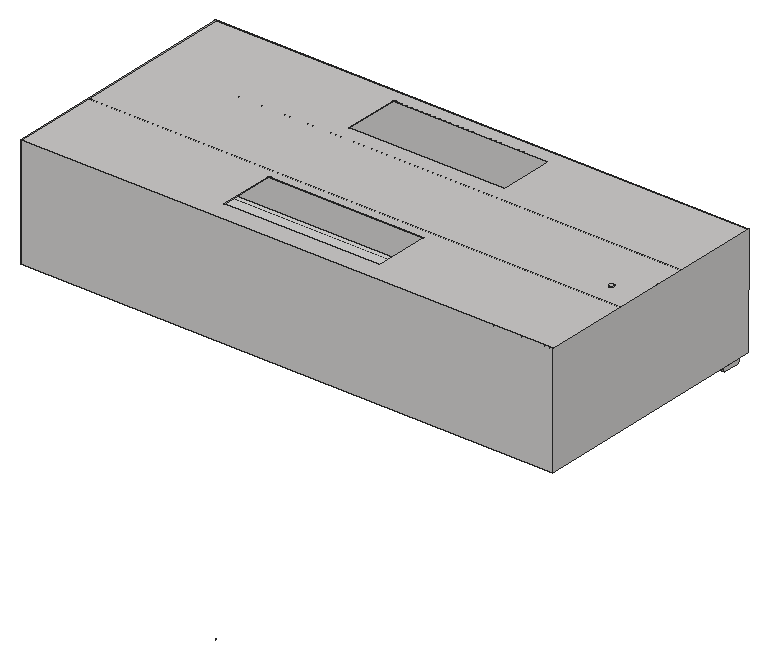
Revit family "QF_ELECTROLUXPROFESSIONAL_641252_STPF1124", category Attrezzature speciali, Revit 2021
Family settings
  Quota connettore circolare = Usa diametro
  Tipo di parte = Normale
  Basato su piano di lavoro = No
  Sempre verticale = Sì
  Taglio con vuoti quando caricato = No
  Condiviso = No
  Punto di calcolo locali = No
Parameters (values of type "Standard")
  Weight = 154.00 kg
  Watts = 160 W
  Volts = 220 V
  URL Manufacturer = "https://www.electroluxprofessional.com/"
  URL = "https://www.electroluxprofessional.com/"
  Steam Supply Size = 0 mm
  Steam Supply Minimum Pressure = 0.0 Pa
  Steam Supply Maximum Pressure = 0.0 Pa
  Steam Consumption per Hour = 0
  Refrigeration Suction Line Size = 0 mm
  Refrigeration Liquid Line Size = 0 mm
  Refrigerant Compressor Remote = yes
  Prospetto di default = 0 mm
  Produttore = "Electrolux Professional"
  Phase = 1
  Modello = "STPF1124"
  Length Actual = 2400 mm  # constant formula
  Item Number = "641252"
  Hot Water Size = 0 mm
  Height Actual = 500 mm  # constant formula
  HP = "0.2 HP"
  Gas Size = 0 mm
  Gas KW = 0
  Gas Input Pressure = 0 W
  Direct Waste Size = 0 mm
  Descrizione = "304 S/S WALL HOOD+FILTER+LAMPS 2400X1100"
  Depth Actual = 1100 mm  # constant formula
  Cycle = 50 Hz
  Condensate Return Size = 0 mm
  Compressed Air Volume = 0.0 L/s
  Compressed Air Size = 0 mm
  Compressed Air Pressure = 0.0 Pa
  Cold Water Size = 0 mm
  Accessory = yes
Reference planes
  plane 1: z = 0
  plane 2 "Center (Left/Right)": x = 150
  plane 3 "LEFT": x = -1050
  plane 4 "RIGHT": x = 1350
  plane 5 "BACK": y = 550
  plane 6 "TOP": z = 2500
  plane 7 "Base": z = 2000
  plane 8: z = 1955
  plane 9 "DrainY": y = 490
  plane 10: x = -1047
  plane 11 "DrainX": x = 1230
  plane 12 "AOLeft2": x = 500
  plane 13: x = 1347
  plane 14: x = -850
  plane 15: x = 1150
  plane 16 "Center (Front/Back)": y = -100
  plane 17 "Front": y = -550
  plane 18 "AOLeft1": x = -200
  plane 19: y = -464
  plane 20: y = -214
  plane 21: y = 240
  plane 22: y = 490
  plane 23 "EI_y": y = -70
  plane 24 "EIx": x = 1230
Forms (mm)
  Extrusion 1, solid, material "QF_Finishes_Stainless Steel"
    sketch origin (-1050, 0, 360) x (0, 1, 0) y (0, 0, 1)
      loop
        line (550, 1640) -> (550, 2140) -> (-550, 2140) -> (-550, 1640) -> (550, 1640)
    from 0 to 3
  Extrusion 2, solid, material "QF_Finishes_Stainless Steel"
    sketch origin (1350, 0, 360) x (0, 1, 0) y (0, 0, 1)
      loop
        line (550, 1640) -> (550, 2140) -> (-550, 2140) -> (-550, 1640) -> (550, 1640)
    from 0 to -3
  Extrusion 3, solid, material "QF_Finishes_Stainless Steel"
    sketch origin (150, 0, 360) x (0, 1, 0) y (0, 0, 1)
      loop
        line (-550, 2140) -> (-550, 1640) -> (-540, 1640) -> (-540, 1640.8) -> (-549.2, 1640.8) -> (-549.2, 2139.19) -> (549.2, 2139.19) -> (549.2, 1640.8) -> (540, 1640.8) -> (540, 1640) -> (550, 1640) -> (550, 2140) -> (-550, 2140)
    from -1200 to 1200
  Extrusion 4, solid, material "QF_Finishes_Stainless Steel"
    sketch origin (0, 0, 2000) x (0, 1, 0) y (-1, 0, 0)
      loop
        circle (490, -1230) r 4.763
    from -30 to 0
  Extrusion 5, void
    sketch origin (0, 0, 2500) x (0, 1, 0) y (-1, 0, 0)
      loop
        line (-214, -500) -> (-214, 200) -> (-464, 200) -> (-464, -500) -> (-214, -500)
    from 0 to -10
  Extrusion 6, solid, material "QF_Finishes_Stainless Steel"
    sketch origin (0, 0, 0) x (1, 0, 0) y (0, 1, 0)
      loop
        line (-1050, 550) -> (-1050, 549) -> (-1049, 549) -> (-1049, 550) -> (-1050, 550)
    from 0 to 1
  Extrusion 7, solid, material "QF_LAMPS"
    sketch origin (150, 0, 360) x (0, 1, 0) y (0, 0, 1)
      loop
        line (-172.823, 1962.324) -> (-18.948, 2086.929) -> (-27.129, 2097.032) -> (-181.003, 1972.426) -> (-172.823, 1962.324)
    from 1197 to -1197
  Sweep 8, solid, material "QF_Finishes_Stainless Steel"
    path origin (0, 0, 0) x (1, 0, 0) y (0, 1, 0)
      loop
        line (1350, 550) -> (-1050, 550) -> (-1050, -550) -> (1350, -550) -> (1350, 550)
    profile origin (1350, 0, 0) x (1, 0, 0) y (0, 0, 1)
      loop
        line (-3, 2000) -> (-3, 2000.8) -> (-19, 2000.8) -> (-19, 2010) -> (-20, 2010) -> (-20, 2000) -> (-3, 2000)
  Extrusion 9, solid, material "QF_Finishes_Stainless Steel"
    sketch origin (150, 0, 0) x (0, 1, 0) y (0, 0, 1)
      loop
        line (414.66, 2095.469) -> (440.643, 2110.471) -> (261.744, 2411.771) -> (235.948, 2396.455) -> (414.66, 2095.469)
    from -1197 to -1000
  Extrusion 10, solid, material "QF_Finishes_Stainless Steel"
    sketch origin (1230, 0, 0) x (0, 1, 0) y (0, 0, 1)
      loop
        line (539, 2000) -> (441, 2000) -> (441, 1989) -> (448.5, 1989) -> (448.5, 1965)
        arc (448.5, 1965) -> (451.429, 1957.929) -> (458.5, 1955) r 10
        line (458.5, 1955) -> (521.5, 1955)
        arc (521.5, 1955) -> (528.571, 1957.929) -> (531.5, 1965) r 10
        line (531.5, 1965) -> (531.5, 1989) -> (539, 1989) -> (539, 2000)
    from 90 to -90
  Extrusion 11, solid, material "QF_Finishes_Stainless Steel"
    sketch origin (150, 0, 0) x (0, 1, 0) y (0, 0, 1)
      loop
        line (414.66, 2095.469) -> (440.643, 2110.471) -> (261.744, 2411.771) -> (235.948, 2396.455) -> (414.66, 2095.469)
    from 1000 to 1197
  Extrusion 12, solid, material "QF_Finished_Chrome"
    sketch origin (150, 0, 0) x (0, 1, 0) y (0, 0, 1)
      loop
        line (414.66, 2095.469) -> (440.643, 2110.471) -> (261.744, 2411.771) -> (235.948, 2396.455) -> (414.66, 2095.469)
    from -1000 to 1000
  Extrusion 13, void
    sketch origin (0, 1180, 2500) x (0, 1, 0) y (-1, 0, 0)
      loop
        line (-690, -500) -> (-690, 200) -> (-940, 200) -> (-940, -500) -> (-690, -500)
    from 0 to -10
  Extrusion 14, solid, material "QF_Finishes_Stainless Steel"
    sketch origin (0, 0, 2500) x (0, 1, 0) y (-1, 0, 0)
      loop
        circle (-70, -1230) r 10
    from 0 to 1.6
  Extrusion 15, solid, material "QF_Finishes_Stainless Steel"
    sketch origin (150, 0, 360) x (0, 1, 0) y (0, 0, 1)
      loop
        line (430.005, 1640) -> (540, 1640) -> (540, 1640.8) -> (430.467, 1640.8) -> (371.906, 1742.23) -> (414.858, 1734.657) -> (442.266, 1750.481) -> (442.266, 1765.943) -> (441.466, 1765.943) -> (441.466, 1750.943) -> (414.709, 1735.495) -> (321.153, 1751.991) -> (320.875, 1750.416) -> (371.4, 1741.507) -> (430.005, 1640)
      loop
        line (172.529, 2139.19) -> (242.893, 2017.316) -> (245.133, 2018.715) -> (240.13, 2027.381) -> (238.569, 2026.405) -> (173.453, 2139.19) -> (172.529, 2139.19)
    from -1197 to 1197
  Extrusion 16, solid, material "QF_Finishes_Stainless Steel"
    sketch origin (150, 200.8, 360) x (0, 1, 0) y (0, 0, 1)
      loop
        line (-750, 2139.19) -> (-750, 1640) -> (-686.602, 1640) -> (-599.146, 1690.493) -> (-610.058, 1709.394) -> (-666.564, 1676.77) -> (-714.704, 1680.982) -> (-749.2, 1730.248) -> (-749.2, 2139.19) -> (-750, 2139.19)
      loop
        line (-373.6, 1961.694) -> (-381.937, 1971.99) -> (-369.095, 1982.182) -> (-369.095, 2139.19) -> (-369.895, 2139.19) -> (-369.895, 1982.569) -> (-682.298, 1734.63) -> (-671.091, 1720.79) -> (-373.6, 1961.694)
      loop
        line (-227.61, 2099.216) -> (-218.171, 2087.559) -> (-154.411, 2139.19) -> (-155.682, 2139.19) -> (-218.052, 2088.684) -> (-226.989, 2099.719) -> (-227.61, 2099.216)
    from -1197 to 1197
  Extrusion 17, solid, material "QF_Finishes_Stainless Steel"
    sketch origin (0, 0, 2500) x (0, 1, 0) y (-1, 0, 0)
      loop
        circle (-70, -1230) r 10
    from 0 to 1.6
Cuts and joins
  Extrusion 5, Extrusion 13 cuts Extrusion 3
  joined: Extrusion 2, Extrusion 3, Sweep 8
Lines and regions (mm)
  symbolic lines, style "SpecialityEquipment", detail levels coarse
    curve 1: line (1350, 550, 2500) -> (-1050, 550, 2500)
    curve 2: line (-1050, 550, 2500) -> (-1050, -550, 2500)
    curve 3: line (1350, -550, 2500) -> (1350, 550, 2500)
    curve 4: line (-1050, 550, 0) -> (1350, -550, 0)
    curve 5: line (1350, 550, 0) -> (-1050, -550, 0)
    curve 6: line (-1050, -550, 0) -> (1350, -550, 0)
  symbolic lines, detail levels coarse
    curve 7: line (-200, 240, 2500) -> (500, 240, 2500)
    curve 8: line (-200, 490, 2500) -> (-200, 240, 2500)
    curve 9: line (500, 490, 2500) -> (-200, 490, 2500)
    curve 10: line (500, 240, 2500) -> (500, 490, 2500)
    curve 11: line (-200, -214, 2500) -> (500, -214, 2500)
    curve 12: line (-200, -464, 2500) -> (-200, -214, 2500)
    curve 13: line (500, -464, 2500) -> (-200, -464, 2500)
    curve 14: line (500, -214, 2500) -> (500, -464, 2500)
Dimensions and locks
  plane 3 "LEFT" to plane 4 "RIGHT" = 2400 mm
  equal spacing: plane 3 "LEFT", plane 2 "Center (Left/Right)", plane 4 "RIGHT"
  plane 7 "Base" to plane 8 = 45 mm
  plane 5 "BACK" to plane 9 "DrainY" = 60 mm  (x2)
  plane 3 "LEFT" to plane 10 = 3 mm
  plane 11 "DrainX" to plane 4 "RIGHT" = 120 mm
  plane 13 to plane 4 "RIGHT" = 3 mm
  plane 3 "LEFT" to plane 14 = 200 mm
  plane 15 to plane 4 "RIGHT" = 200 mm
  locked: plane 7 "Base" to level at 2000
  locked: plane 6 "TOP" to plane 7 "Base" at 500
  locked: plane 20 to plane 19 at 250
  locked: plane 19 to plane 17 "Front" at 86
  locked: plane 22 to plane 21 at 250
  locked: plane 5 "BACK" to plane 22 at 60
  locked: plane 23 "EI_y" to plane 17 "Front" at 480
  locked: plane 24 "EIx" to plane 4 "RIGHT" at 120
  locked: plane 18 "AOLeft1" to plane 12 "AOLeft2" at 700
  equal spacing: plane 18 "AOLeft1", plane 2 "Center (Left/Right)", plane 12 "AOLeft2"
  locked: plane 5 "BACK" to plane 17 "Front" at 1100
  plane 5 "BACK" to plane 17 "Front" = 1100 mm
  aligned and locked: level to plane 1
  aligned and locked: plane 4 "RIGHT" to Extrusion 3
  aligned and locked: Extrusion 3 to plane 3 "LEFT"
  aligned and locked: Extrusion 2 to plane 13
  aligned and locked: Extrusion 9 to plane 10
  aligned and locked: Extrusion 5 to plane 18 "AOLeft1"
  aligned and locked: Extrusion 5 to plane 12 "AOLeft2"
  aligned and locked: plane 14 to Extrusion 9
  aligned and locked: plane 15 to Extrusion 11
  aligned and locked: plane 13 to Extrusion 11
  aligned and locked: Extrusion 12 to plane 14
  aligned and locked: Extrusion 12 to plane 15
  aligned and locked: plane 13 to Extrusion 7
  aligned and locked: Extrusion 7 to plane 10
  aligned and locked: Extrusion 13 to plane 21
  aligned and locked: plane 22 to Extrusion 13
  aligned and locked: Extrusion 13 to plane 18 "AOLeft1"
  aligned and locked: Extrusion 13 to plane 12 "AOLeft2"
  aligned and locked: Extrusion 15 to plane 10
  aligned and locked: plane 13 to Extrusion 15
  aligned and locked: Extrusion 5 to plane 19
  aligned and locked: plane 20 to Extrusion 5
  aligned and locked: Extrusion 16 to Extrusion 1
  aligned and locked: plane 13 to Extrusion 16
Automatic sketch dimensions
  curve 6 to plane 3 "LEFT" = 0 mm
  curve 4 to plane 3 "LEFT" = 0 mm
  curve 5 to plane 4 "RIGHT" = 0 mm
  curve 6 to plane 4 "RIGHT" = 0 mm
  curve 4 to plane 17 "Front" = 0 mm
  curve 4 to plane 5 "BACK" = 0 mm
  curve 5 to plane 5 "BACK" = 0 mm
  Extrusion 1 sketch curve to plane 7 "Base" = 0 mm
  Extrusion 1 sketch curve to plane 17 "Front" = 0 mm
  Extrusion 1 sketch curve to plane 5 "BACK" = 0 mm
  Extrusion 1 sketch curve to plane 6 "TOP" = 0 mm
  Extrusion 2 sketch curve to plane 7 "Base" = 0 mm
  Extrusion 2 sketch curve to plane 17 "Front" = 0 mm
  Extrusion 2 sketch curve to plane 5 "BACK" = 0 mm
  Extrusion 2 sketch curve to plane 6 "TOP" = 0 mm
  Extrusion 3 sketch curve to plane 6 "TOP" = 0 mm
  Extrusion 3 sketch curve to plane 17 "Front" = 0 mm
  Extrusion 3 sketch curve to plane 7 "Base" = 0 mm  (x2)
  Extrusion 3 sketch curve to plane 5 "BACK" = 0 mm
  plane 17 "Front" to Extrusion 3 sketch curve = 0.8 mm
  Extrusion 3 sketch curve to Extrusion 3 sketch curve = 9.2 mm
  plane 7 "Base" to Extrusion 3 sketch curve = 0.8 mm  (x2)
  Extrusion 3 sketch curve to plane 5 "BACK" = 10 mm
  Extrusion 3 sketch curve to plane 5 "BACK" = 0.8 mm
  Extrusion 3 sketch curve to plane 6 "TOP" = 0.81 mm
  Extrusion 4 sketch curve to plane 9 "DrainY" = 0 mm
  Extrusion 4 sketch curve to plane 11 "DrainX" = 0 mm
  Extrusion 5 sketch curve to plane 12 "AOLeft2" = 0 mm
  Extrusion 5 sketch curve to plane 18 "AOLeft1" = 0 mm
  plane 19 to Extrusion 5 sketch curve = 0 mm
  Extrusion 5 sketch curve to plane 23 "EI_y" = 144 mm
  Extrusion 6 sketch curve to plane 3 "LEFT" = 0 mm
  Extrusion 6 sketch curve to plane 5 "BACK" = 0 mm
  plane 3 "LEFT" to Extrusion 6 sketch curve = 1 mm
  Extrusion 6 sketch curve to Extrusion 6 sketch curve = 1 mm
  plane 20 to Extrusion 7 sketch curve = 32.997 mm
  Extrusion 7 sketch curve to Extrusion 7 sketch curve = 8.181 mm  (x2)
  plane 23 "EI_y" to Extrusion 7 sketch curve = 42.871 mm
  Extrusion 7 sketch curve to plane 6 "TOP" = 177.676 mm
  Extrusion 7 sketch curve to Extrusion 7 sketch curve = 10.102 mm
  Extrusion 7 sketch curve to plane 6 "TOP" = 53.071 mm
  Extrusion 7 sketch curve to Extrusion 7 sketch curve = 10.103 mm
  Sweep 8 sketch curve to plane 3 "LEFT" = 0 mm
  Sweep 8 sketch curve to plane 4 "RIGHT" = 0 mm
  Sweep 8 sketch curve to plane 17 "Front" = 0 mm
  Sweep 8 sketch curve to plane 5 "BACK" = 0 mm
  profile plane to Sweep 8 sketch curve = 20 mm
  Sweep 8 sketch curve to Sweep 8 sketch curve = 1 mm
  profile plane to Sweep 8 sketch curve = 3 mm
  level to Sweep 8 sketch curve = 2000 mm
  Sweep 8 sketch curve to Sweep 8 sketch curve = 0.8 mm
  Sweep 8 sketch curve to Sweep 8 sketch curve = 9.2 mm
  Extrusion 9 sketch curve to plane 21 = 4.052 mm
  plane 21 to Extrusion 9 sketch curve = 21.744 mm
  Extrusion 9 sketch curve to plane 9 "DrainY" = 75.34 mm
  Extrusion 9 sketch curve to Extrusion 9 sketch curve = 25.983 mm
  plane 7 "Base" to Extrusion 9 sketch curve = 95.469 mm
  Extrusion 9 sketch curve to Extrusion 9 sketch curve = 15.001 mm
  Extrusion 9 sketch curve to plane 6 "TOP" = 103.545 mm
  Extrusion 9 sketch curve to Extrusion 9 sketch curve = 15.316 mm
  Extrusion 10 sketch curve to plane 8 = 0 mm
  Extrusion 10 sketch curve to plane 7 "Base" = 11 mm  (x2)
  Extrusion 10 sketch curve to plane 9 "DrainY" = 49 mm
  Extrusion 10 sketch curve to Extrusion 10 sketch curve = 7.5 mm  (x2)
  Extrusion 10 sketch curve to Extrusion 10 sketch curve = 10 mm
  Extrusion 10 sketch curve to plane 5 "BACK" = 28.5 mm
  Extrusion 10 sketch curve to plane 5 "BACK" = 18.5 mm
  plane 7 "Base" to Extrusion 10 sketch curve = 0 mm
  Extrusion 11 sketch curve to plane 21 = 4.052 mm
  plane 21 to Extrusion 11 sketch curve = 21.744 mm
  Extrusion 11 sketch curve to plane 9 "DrainY" = 75.34 mm
  Extrusion 11 sketch curve to Extrusion 11 sketch curve = 25.983 mm
  plane 7 "Base" to Extrusion 11 sketch curve = 95.469 mm
  Extrusion 11 sketch curve to Extrusion 11 sketch curve = 15.001 mm
  Extrusion 11 sketch curve to plane 6 "TOP" = 103.545 mm
  Extrusion 11 sketch curve to Extrusion 11 sketch curve = 15.316 mm
  Extrusion 12 sketch curve to plane 21 = 4.052 mm
  plane 21 to Extrusion 12 sketch curve = 21.744 mm
  Extrusion 12 sketch curve to plane 9 "DrainY" = 75.34 mm
  Extrusion 12 sketch curve to Extrusion 12 sketch curve = 25.983 mm
  plane 7 "Base" to Extrusion 12 sketch curve = 95.469 mm
  Extrusion 12 sketch curve to Extrusion 12 sketch curve = 15.001 mm
  Extrusion 12 sketch curve to plane 6 "TOP" = 103.545 mm
  Extrusion 12 sketch curve to Extrusion 12 sketch curve = 15.316 mm
  Extrusion 13 sketch curve to plane 12 "AOLeft2" = 0 mm
  Extrusion 13 sketch curve to plane 21 = 0 mm
  Extrusion 13 sketch curve to plane 9 "DrainY" = 0 mm
  Extrusion 13 sketch curve to plane 18 "AOLeft1" = 0 mm
  Extrusion 14 sketch curve to plane 23 "EI_y" = 0 mm
  Extrusion 14 sketch curve to plane 24 "EIx" = 0 mm
  Extrusion 15 sketch curve to plane 7 "Base" = 0 mm
  Extrusion 15 sketch curve to plane 6 "TOP" = 0.81 mm
  Extrusion 15 sketch curve to plane 21 = 67.471 mm
  Extrusion 15 sketch curve to Extrusion 15 sketch curve = 0.924 mm
  Extrusion 15 sketch curve to plane 21 = 1.431 mm
  plane 21 to Extrusion 15 sketch curve = 0.13 mm
  plane 21 to Extrusion 15 sketch curve = 2.893 mm
  Extrusion 15 sketch curve to Extrusion 15 sketch curve = 2.24 mm
  plane 21 to Extrusion 15 sketch curve = 80.875 mm
  Extrusion 15 sketch curve to Extrusion 15 sketch curve = 0.278 mm
  Extrusion 15 sketch curve to Extrusion 15 sketch curve = 50.525 mm
  Extrusion 15 sketch curve to Extrusion 15 sketch curve = 0.506 mm
  Extrusion 15 sketch curve to Extrusion 15 sketch curve = 42.803 mm
  Extrusion 15 sketch curve to Extrusion 15 sketch curve = 0.148 mm
  Extrusion 15 sketch curve to plane 9 "DrainY" = 59.995 mm
  plane 7 "Base" to Extrusion 15 sketch curve = 0.8 mm
  Extrusion 15 sketch curve to Extrusion 15 sketch curve = 0.462 mm  (x2)
  Extrusion 15 sketch curve to Extrusion 15 sketch curve = 109.533 mm
  Extrusion 15 sketch curve to Extrusion 15 sketch curve = 26.757 mm
  Extrusion 15 sketch curve to Extrusion 15 sketch curve = 0.8 mm
  plane 7 "Base" to Extrusion 15 sketch curve = 94.657 mm
  Extrusion 15 sketch curve to Extrusion 15 sketch curve = 0.838 mm
  Extrusion 15 sketch curve to Extrusion 15 sketch curve = 6.012 mm
  Extrusion 15 sketch curve to Extrusion 15 sketch curve = 0.723 mm
  Extrusion 15 sketch curve to Extrusion 15 sketch curve = 14.986 mm
  Extrusion 15 sketch curve to Extrusion 15 sketch curve = 15 mm
  Extrusion 15 sketch curve to plane 6 "TOP" = 122.684 mm
  Extrusion 15 sketch curve to Extrusion 15 sketch curve = 1.399 mm
  Extrusion 15 sketch curve to Extrusion 15 sketch curve = 9.089 mm
  Extrusion 15 sketch curve to Extrusion 15 sketch curve = 0.975 mm
  Extrusion 16 sketch curve to plane 7 "Base" = 0 mm
  Extrusion 16 sketch curve to Extrusion 16 sketch curve = 0.8 mm  (x2)
  plane 7 "Base" to Extrusion 16 sketch curve = 40.982 mm
  Extrusion 16 sketch curve to Extrusion 16 sketch curve = 35.296 mm
  Extrusion 16 sketch curve to Extrusion 16 sketch curve = 28.102 mm
  plane 7 "Base" to Extrusion 16 sketch curve = 94.63 mm
  Extrusion 16 sketch curve to Extrusion 16 sketch curve = 32.405 mm
  plane 7 "Base" to Extrusion 16 sketch curve = 80.79 mm
  Extrusion 16 sketch curve to Extrusion 16 sketch curve = 11.207 mm
  plane 7 "Base" to Extrusion 16 sketch curve = 36.77 mm
  Extrusion 16 sketch curve to Extrusion 16 sketch curve = 20.038 mm
  plane 7 "Base" to Extrusion 16 sketch curve = 69.394 mm
  Extrusion 16 sketch curve to Extrusion 16 sketch curve = 61.033 mm
  plane 7 "Base" to Extrusion 16 sketch curve = 50.493 mm
  Extrusion 16 sketch curve to Extrusion 16 sketch curve = 10.912 mm
  Extrusion 16 sketch curve to plane 6 "TOP" = 168.01 mm
  Extrusion 16 sketch curve to Extrusion 16 sketch curve = 228.121 mm
  Extrusion 16 sketch curve to plane 6 "TOP" = 178.306 mm
  Extrusion 16 sketch curve to Extrusion 16 sketch curve = 8.337 mm
  Extrusion 16 sketch curve to plane 6 "TOP" = 157.431 mm
  Extrusion 16 sketch curve to Extrusion 16 sketch curve = 12.042 mm
  Extrusion 16 sketch curve to plane 6 "TOP" = 157.818 mm
  Extrusion 16 sketch curve to plane 6 "TOP" = 40.784 mm
  Extrusion 16 sketch curve to Extrusion 16 sketch curve = 141.485 mm
  Extrusion 16 sketch curve to plane 6 "TOP" = 40.281 mm
  Extrusion 16 sketch curve to Extrusion 16 sketch curve = 0.622 mm
  Extrusion 16 sketch curve to plane 6 "TOP" = 52.441 mm
  Extrusion 16 sketch curve to plane 6 "TOP" = 51.316 mm
  Extrusion 16 sketch curve to plane 6 "TOP" = 0.81 mm  (x3)
  Extrusion 16 sketch curve to Extrusion 16 sketch curve = 62.37 mm
  Extrusion 16 sketch curve to Extrusion 16 sketch curve = 1.271 mm
  Extrusion 16 sketch curve to Extrusion 16 sketch curve = 49.266 mm
  Extrusion 17 sketch curve to plane 23 "EI_y" = 0 mm
  Extrusion 17 sketch curve to plane 24 "EIx" = 0 mm
  plane 17 "Front" to Extrusion 16 sketch curve = 0.8 mm
  curve 2 to plane 3 "LEFT" = 0 mm
  curve 2 to plane 17 "Front" = 0 mm
  curve 3 to plane 4 "RIGHT" = 0 mm
  curve 3 to plane 17 "Front" = 0 mm
  curve 13 to plane 18 "AOLeft1" = 0 mm
  curve 13 to plane 19 = 0 mm
  curve 14 to plane 12 "AOLeft2" = 0 mm
  curve 14 to plane 20 = 0 mm
  curve 7 to plane 18 "AOLeft1" = 0 mm
  curve 7 to plane 21 = 0 mm
  curve 8 to plane 9 "DrainY" = 0 mm
  curve 2 to plane 5 "BACK" = 0 mm
  curve 10 to plane 12 "AOLeft2" = 0 mm
  radius of Extrusion 4 sketch curve = 4.763 mm
  radius of Extrusion 14 sketch curve = 10 mm
  radius of Extrusion 17 sketch curve = 10 mm
Connectors
  piping at (1230, 490, 1970), diameter 9.5
    settings: on Extrusion 4, index 1, connector inside diameter 609.6 mm, connector length 0 mm, flow factor 0, pipe flow 0.0 L/s, pressure drop 0.0 Pa, fitting loss kfactor 0, connector angle 0.00°, fixture units 0, engagement length 0 mm, angle of deflection 0.00°, flow configuration 1, flow direction 2, fitting loss method 0, system type 16, joint type 0, gender type 0, connector reference index -1, connector utility 0, adjustable connector no, is connector primary yes, connector description "Drain"
  hvac at (150, -339, 2500)
    settings: on Extrusion 5, index 2, duct flow 0.0 L/s, flow factor 0, pres drop 0.0 Pa, loss coef 0, conn angle 0.00°, conn width 250 mm, conn height 700 mm, conn diameter 609.6 mm, duct sys type 1, conn prof type 1, flow config 1, flow direction 1, loss method 0, conn ref index -1, conn util no, is conn primary yes, conn desc "AIR INLET"
  hvac at (150, 365, 2500)
    settings: on Extrusion 13, index 4, duct flow 0.0 L/s, flow factor 0, pres drop 0.0 Pa, loss coef 0, conn angle 0.00°, conn width 250 mm, conn height 700 mm, conn diameter 609.6 mm, duct sys type 3, conn prof type 1, flow config 1, flow direction 2, loss method 0, conn ref index -1, conn util no, is conn primary no, conn desc "EXHAUST OUTLET"
  electrical at (1230, -70, 2501.6), driven by "Volts"
    settings: on Extrusion 14, index 6, voltage 220 V, apparent load 0 VA, apparent load phase1 0 VA, apparent load phase2 0 VA, apparent load phase3 0 VA, power factor 1, load classification "Other", number of poles 1, system type 30, power factor state 1, is connector primary yes, connector utility no, sub classification motor no, connector description "Electrical Connection"
  electrical at (1230, -70, 2501.6)
    settings: on Extrusion 17, index 12, voltage 0 V, apparent load 0 VA, apparent load phase1 0 VA, apparent load phase2 0 VA, apparent load phase3 0 VA, power factor 1, load classification "Other", number of poles 1, system type 30, power factor state 1, is connector primary no, connector utility no, sub classification motor no, connector description ""
